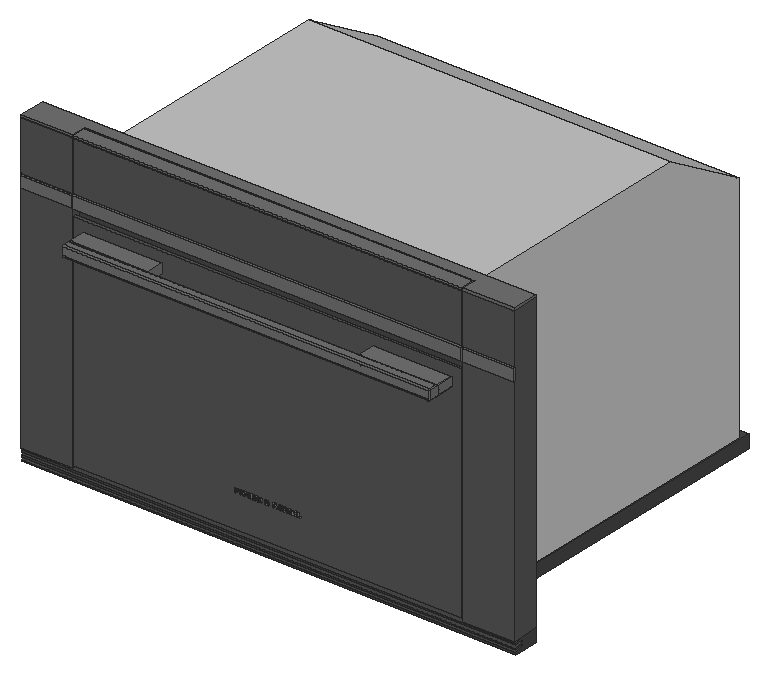
Revit family "FP_Revit_18_OM24NDBB1_w_TK30NDBB1_Microwave_Oven_w_30in_Trimkit_90000812A", category Specialty Equipment, Revit 2018
Family settings
  Round Connector Dimension = Use Diameter
  Part Type = Normal
  OmniClass Number = 23.40.40.14.17.31
  OmniClass Title = Small Specialized Cooking Equipment
  Work Plane-Based = No
  Always vertical = Yes
  Cut with Voids When Loaded = Yes
  Shared = No
  Room Calculation Point = No
Parameters (values of type "OM24NDBB1 + TK30NDBB1")
  Visibility - Clearance Required = yes
  URL = "www.fisherpaykel.com"
  Product - Width = 757 mm  # constant formula
  Product - Height = 478 mm  # constant formula
  Product - Depth = 614 mm  # constant formula
  Model = "OM24NDBB1 + TK30NDBB1"
  Material - Trim = Fisher & Paykel - Aluminium, Dark
  Material - Structure = Fisher & Paykel - Black
  Material - Handle = Fisher & Paykel - Aluminium, Dark
  Material - Glass = Fisher & Paykel - Glass, Black
  Material - Body = Fisher & Paykel - Black
  Manufacturer = "Fisher & Paykel Appliances"
  FFL Offset [instance] = 900 mm
  Description = "24\" Microwave Oven + 30\" Trimkit"
  Connector Description - Electrical = "120/240 V or 12/208 V, 60 Hz, 13 or 14 A"
  Chassis - Width = 560 mm  # constant formula
  Chassis - Height = 446 mm  # constant formula
  Chassis - Depth = 540 mm  # constant formula
  Cavity - Width = 560 mm  # constant formula
  Cavity - Height = 480 mm  # constant formula
  Cavity - Depth = 560 mm  # constant formula
Reference planes
  plane 1 "Center (Front/Back)": y = 0
  plane 2: z = 0
  plane 3 "Center (Left/Right)": x = 0
  plane 4: z = 1380
  plane 5: z = 1378
  plane 6 "Product LHS": x = -378.5
  plane 7 "Product RHS": x = 378.5
  plane 8 "Product - Depth": y = 0
  plane 9 "Cavity LHS": x = -380
  plane 10 "Cavity RHS": x = 380
  plane 11 "Cavity - Depth": y = 560
  plane 12 "Front Face": y = -41.5
  plane 13 "Chassis - Height": z = 0
  plane 14 "Product Depth": y = 540
  plane 15 "FFL Offset": z = 900
Forms (mm)
  Extrusion 1, void
    sketch origin (0, 0, 0) x (0, 1, 0) y (0, 0, 1)
      loop
        line (-41.5, 1380) -> (-41.5, 900) -> (0, 900) -> (0, 1380) -> (-41.5, 1380)
    from -380 to 380
  Extrusion 2, void
    sketch origin (0, 0, 0) x (0, 1, 0) y (0, 0, 1)
      loop
        line (560, 1370) -> (0, 1370) -> (0, 900) -> (560, 900) -> (560, 1370)
    from -280 to 280
Text (mm)
  text "Due to ongoing product development, product details are subject to change without notice. \nPlease always refer to www.fisherpaykel.com for the most current product information. \n© Fisher & Paykel 2020" at (41.04, -413.295, 0), in view "Ref. Level (Plan)"
Dimensions and locks
  equal spacing: plane 6 "Product LHS", plane 3 "Center (Left/Right)", plane 7 "Product RHS"
  "Product - Width": plane 6 "Product LHS" to plane 7 "Product RHS"
  equal spacing: plane 9 "Cavity LHS", plane 3 "Center (Left/Right)", plane 10 "Cavity RHS"
  locked: plane 9 "Cavity LHS" to plane 10 "Cavity RHS" at 760
  plane 12 "Front Face" to plane 1 "Center (Front/Back)" = 41.5 mm
  "Chassis - Depth": plane 1 "Center (Front/Back)" to plane 14 "Product Depth"
  "FFL Offset": plane 15 "FFL Offset" to level
  "Cavity - Depth": plane 1 "Center (Front/Back)" to plane 11 "Cavity - Depth"
  "Product - Height": plane 5 to plane 15 "FFL Offset"
  "Cavity - Height": plane 4 to plane 15 "FFL Offset"
  "Cavity - Width": Extrusion 2 to Extrusion 2
  aligned and locked: level to plane 2
  aligned and locked: plane 15 "FFL Offset" to nested 2
  aligned and locked: nested 2 to plane 8 "Product - Depth"
  aligned and locked: plane 12 "Front Face" to nested 2
  aligned and locked: plane 12 "Front Face" to Extrusion 1 sketch curve
  aligned and locked: Extrusion 1 sketch curve to plane 8 "Product - Depth"
  aligned and locked: plane 15 "FFL Offset" to Extrusion 1 sketch curve
  aligned and locked: Extrusion 1 sketch curve to plane 4
  aligned and locked: Extrusion 1 to plane 10 "Cavity RHS"
  aligned and locked: plane 9 "Cavity LHS" to Extrusion 1
  aligned and locked: Extrusion 2 sketch curve to plane 8 "Product - Depth"
  aligned and locked: Extrusion 2 sketch curve to plane 15 "FFL Offset"
  aligned and locked: plane 11 "Cavity - Depth" to Extrusion 2 sketch curve
  aligned and locked: Extrusion 2 sketch curve to nested 2
Nested families
  nested 1: "FP_Revit_18_OM24NDBB1_Microwave_Oven_90000812A" at (0, -19.5, 20), FFL Offset <- "FFL Offset", type "OM24NDBB1"
    with FFL Offset 900 mm
  nested 2: "FP_Revit_18_TK30ND_Trimkits_90001187A" at (0, 0, 0), FFL Offset <- "FFL Offset", type "TK30NDBB1"
    with FFL Offset 900 mm
Connectors
  electrical at (-193.854, 529.119, 959.454), driven by "Connector Description - Electrical"
    settings: on nested 1, index 1, voltage 120 V, apparent load 0 VA, apparent load phase1 0 VA, apparent load phase2 0 VA, apparent load phase3 0 VA, power factor 1, load classification "Other", number of poles 1, system type 30, power factor state 1, is connector primary yes, connector utility no, sub classification motor no, connector description "120/240 V or 12/208 V, 60 Hz, 13 or 14 A"
Definition of nested family "FP_Revit_18_OM24NDBB1_Microwave_Oven_90000812A"
  Parameters (values of type "OM24NDBB1")
    Visibility - Clearance Required = yes
    URL = "www.fisherpaykel.com"
    Product - Width = 596 mm  # constant formula
    Product - Height = 458 mm  # constant formula
    Product - Depth = 562 mm  # constant formula
    Model = "OM24NDBB1"
    Material - Trim = none
    Material - Structure = none
    Material - Handle = none
    Material - Glass = none
    Material - Body = none
    Manufacturer = "Fisher & Paykel Appliances"
    FFL Offset [instance] = 900 mm
    Description = "24\" Microwave Oven"
    Connector Description - Electrical = "120/240 V or 12/208 V, 60 Hz, 13 or 14 A"
    Chassis - Width = 556 mm  # constant formula
    Chassis - Height = 446 mm  # constant formula
    Chassis - Depth = 540 mm  # constant formula
    Cavity - Width = 600 mm  # constant formula
    Cavity - Height = 460 mm  # constant formula
    Cavity - Depth = 560 mm  # constant formula
  Types (4, lengths in mm): name | Model | Description | Connector Description - Electrical
    OS24NDB1 | "OS24NDB1" | "24\" Steam Oven" | "208 V or 240 V, 60 Hz, 10.8 or 12.5 A"
    OM24NDB1 | "OM24NDB1" | "24\" Microwave Oven" | "120/240 V or 12/208 V, 60 Hz, 13 or 14 A"
    OM24NDBB1 | "OM24NDBB1" | "24\" Microwave Oven" | "120/240 V or 12/208 V, 60 Hz, 13 or 14 A"
    OS24NDBB1 | "OS24NDBB1" | "24\" Steam Oven" | "208 V or 240 V, 60 Hz, 10.8 or 12.5 A"
  Reference planes
    plane 1 "Center (Front/Back)": y = 0
    plane 2: z = 0
    plane 3 "Center (Left/Right)": x = 0
    plane 4: z = 1360
    plane 5: z = 1358
    plane 6 "Product LHS": x = -298
    plane 7 "Product RHS": x = 298
    plane 8 "Product - Depth": y = 0
    plane 9 "Cavity LHS": x = -300
    plane 10 "Cavity RHS": x = 300
    plane 11 "Cavity - Depth": y = 560
    plane 12 "Front Face": y = -22
    plane 13 "Chassis - Height": z = 0
    plane 14 "Product Depth": y = 540
    plane 15 "FFL Offset": z = 900
  Forms (mm)
    Extrusion 1, solid, material <- "Material - Body"
      sketch origin (0, 0, 0) x (0, 1, 0) y (0, 0, 1)
        loop
          line (0, 1346) -> (0, 907.28) -> (5.16, 907.28) -> (5.16, 900) -> (534.187, 900) -> (534.187, 1257.991) -> (403.295, 1336.64) -> (24.316, 1336.64) -> (8.71, 1346) -> (0, 1346)
      from -278 to 278
    Extrusion 2, solid, material <- "Material - Structure", detail levels fine
      sketch origin (0, 0, 0) x (0, 1, 0) y (0, 0, 1)
        loop
          line (0, 1353.9) -> (-2, 1353.9) -> (-2, 1355) -> (-18, 1355) -> (-18, 1258) -> (-9.89, 1258) -> (-9.89, 907.28) -> (0, 907.28) -> (0, 1353.9)
      from -298 to 298
    Extrusion 3, solid, material <- "Material - Trim", detail levels fine
      sketch origin (0, 0, 0) x (0, 1, 0) y (0, 0, 1)
        loop
          line (-22, 1358) -> (-22, 1355) -> (-2, 1355) -> (-2, 1358) -> (-22, 1358)
      from -298 to 298
    Extrusion 4, solid, material <- "Material - Glass", detail levels fine
      sketch origin (0, 0, 0) x (0, 1, 0) y (0, 0, 1)
        loop
          line (-18, 1355) -> (-20.262, 1355)
          arc (-20.262, 1355) -> (-21.236, 1354.682) -> (-22, 1354) r 2.5
          line (-22, 1354) -> (-22, 1258) -> (-18, 1258) -> (-18, 1355)
      from -298 to 298
    Extrusion 5, solid, material <- "Material - Glass", detail levels fine
      sketch origin (0, 0, 0) x (0, 1, 0) y (0, 0, 1)
        loop
          line (-22, 1246.53) -> (-22, 904.53) -> (-18, 904.53) -> (-18, 1246.53) -> (-22, 1246.53)
      from -298 to 298
    Extrusion 6, solid, material <- "Material - Structure", detail levels fine
      sketch origin (0, 0, 0) x (0, 1, 0) y (0, 0, 1)
        loop
          line (-18, 1229.33) -> (-18, 907.28) -> (-9.89, 907.28) -> (-9.89, 1229.33) -> (-18, 1229.33)
      from -278 to 278
    Extrusion 7, void
      sketch origin (0, 0, 0) x (1, 0, 0) y (0, 0, 1)
        loop
          line (-158.462, 1052.91) -> (-229.24, 1052.91)
          arc (-229.24, 1052.91) -> (-232.776, 1051.446) -> (-234.24, 1047.91) r 5
          line (-234.24, 1047.91) -> (-234.24, 955.13)
          arc (-234.24, 955.13) -> (-232.776, 951.594) -> (-229.24, 950.13) r 5
          line (-229.24, 950.13) -> (-158.462, 950.13)
          arc (-158.462, 950.13) -> (-154.926, 951.594) -> (-153.462, 955.13) r 5
          line (-153.462, 955.13) -> (-153.462, 1047.91)
          arc (-153.462, 1047.91) -> (-154.926, 1051.446) -> (-158.462, 1052.91) r 5
      from -539.6 to -521.6
    Sweep 8, void
      path in 3D
        loop
          arc (-153.462, 521.6, 955.13) -> (-154.926, 521.6, 951.594) -> (-158.462, 521.6, 950.13) r 5
          line (-158.462, 521.6, 950.13) -> (-229.24, 521.6, 950.13)
          arc (-229.24, 521.6, 950.13) -> (-232.776, 521.6, 951.594) -> (-234.24, 521.6, 955.13) r 5
          line (-234.24, 521.6, 955.13) -> (-234.24, 521.6, 1047.91)
          arc (-234.24, 521.6, 1047.91) -> (-232.776, 521.6, 1051.446) -> (-229.24, 521.6, 1052.91) r 5
          line (-229.24, 521.6, 1052.91) -> (-158.462, 521.6, 1052.91)
          arc (-158.462, 521.6, 1052.91) -> (-154.926, 521.6, 1051.446) -> (-153.462, 521.6, 1047.91) r 5
          line (-153.462, 521.6, 1047.91) -> (-153.462, 521.6, 955.13)
      profile origin (-153.462, 521.6, 1001.52) x (-1, 0, 0) y (0, -1, 0)
        loop
          line (0, 0) -> (-21.3, -12.587) -> (0, -12.587) -> (0, 0)
    Extrusion 9, solid, material <- "Material - Body", detail levels medium+fine
      sketch origin (0, 0, -100) x (1, 0, 0) y (0, 0, 1)
        loop
          line (-175.354, 1115.273) -> (-212.354, 1115.273) -> (-212.354, 1057.273) -> (-175.354, 1057.273) -> (-175.354, 1115.273)
      from -540 to -521.6
    Extrusion 10, solid, material <- "Material - Trim", detail levels fine
      sketch origin (0, 0, 0) x (0, 1, 0) y (0, 0, 1)
        loop
          line (-22, 1258) -> (-22, 1277.8) -> (-22.8, 1277.8) -> (-23.7, 1275.5) -> (-23.7, 1258) -> (-22, 1258)
      from -298 to 298
    Extrusion 11, solid, visible <- "Visibility - Clearance Required", detail levels coarse
      sketch origin (0, 0, 0) x (1, 0, 0) y (0, 1, 0)
        loop
          line (-280, 0) -> (280, 0) -> (280, 548.619) -> (-280, 548.619) -> (-280, 0)
      from 900 to 1360
    Extrusion 12, solid, visible <- "Visibility - Clearance Required", detail levels coarse
      sketch origin (0, 0, 0) x (0, 1, 0) y (0, 0, 1)
        loop
          arc (-22, 1246.53) -> (-241.159, 1161.206) -> (-341.563, 948.532) r 317.644
          line (-341.563, 948.532) -> (-326.406, 946.445) -> (-332.106, 905.048) -> (-316.871, 902.951) -> (-311.171, 944.347) -> (-22, 904.53) -> (-22, 900) -> (0, 900) -> (0, 1360) -> (-22, 1360) -> (-22, 1246.53)
      from -300 to 300
    Sweep 13, solid, material <- "Material - Body", detail levels fine
      path origin (0, 0, -100) x (0, 1, 0) y (0, 0, 1)
        loop
          arc (530.8, 1057.273) -> (536.019, 1044.673) -> (548.619, 1039.454) r 17.819
      profile origin (0, 536.019, 944.673) x (0, 0.707107, 0.707107) y (1, 0, 0)
        loop
          circle (0, -193.854) r 5
    Extrusion 14, solid, material <- "Material - Glass", detail levels coarse+medium
      sketch origin (0, 0, 0) x (0, 1, 0) y (0, 0, 1)
        loop
          line (-22, 1358) -> (-22, 1258) -> (-9.89, 1258) -> (-9.89, 1229.33) -> (-18, 1229.33) -> (-18, 1246.53) -> (-22, 1246.53) -> (-22, 904.53) -> (-18, 904.53) -> (-18, 907.28) -> (0, 907.28) -> (0, 1353.9) -> (-2, 1353.9) -> (-2, 1358) -> (-22, 1358)
      from -298 to 298
    Extrusion 15, solid, material <- "Material - Body", not visible, detail levels medium+fine
      sketch origin (0, 0, 0) x (1, 0, 0) y (0, 0, 1)
        loop
          line (-175.354, 1115.273) -> (-212.354, 1115.273) -> (-212.354, 1057.273) -> (-175.354, 1057.273) -> (-175.354, 1115.273)
      from -540 to -521.6
    Sweep 16, solid, material <- "Material - Body", not visible, detail levels fine
      path origin (0, 0, 0) x (0, 1, 0) y (0, 0, 1)
        loop
          arc (530.8, 1057.273) -> (536.019, 1044.673) -> (548.619, 1039.454) r 17.819
      profile origin (0, 536.019, 1044.673) x (0, 0.707107, 0.707107) y (1, 0, 0)
        loop
          circle (0, -193.854) r 5
    Extrusion 17, void
      sketch origin (0, 0, 0) x (1, 0, 0) y (0, 1, 0)
        loop
          line (-280, 0) -> (280, 0) -> (280, 548.619) -> (-280, 548.619) -> (-280, 0)
      from 900 to 1360
    Extrusion 18, solid, visible <- "Visibility - Clearance Required", detail levels coarse
      sketch origin (0, 0, 0) x (0, 1, 0) y (0, 0, 1)
        loop
          arc (-22, 1246.53) -> (-241.159, 1161.206) -> (-341.563, 948.532) r 317.644
          line (-341.563, 948.532) -> (-326.406, 946.445) -> (-332.106, 905.048) -> (-316.871, 902.951) -> (-311.171, 944.347) -> (-22, 904.53) -> (-22, 900) -> (0, 900) -> (0, 1360) -> (-22, 1360) -> (-22, 1246.53)
      from -300 to 300
    Extrusion 19, void
      sketch origin (0, 0, 0) x (0, 1, 0) y (0, 0, 1)
        loop
          line (-22, 1360) -> (-22, 900) -> (0, 900) -> (0, 1360) -> (-22, 1360)
      from -300 to 300
  Cuts and joins
    Extrusion 7, Sweep 8 cuts Extrusion 1
    Extrusion 7 cuts Extrusion 2
    Extrusion 7 cuts Extrusion 5
    Extrusion 7 cuts Extrusion 6
  Lines and regions (mm)
    sketch lines
      curve 1: line (-153.462, 521.6, 1047.91) -> (-153.462, 521.6, 955.13)
      curve 2: arc (-153.462, 521.6, 1047.91) -> (-154.926, 521.6, 1051.446) -> (-158.462, 521.6, 1052.91) r 5
      curve 3: line (-229.24, 521.6, 1052.91) -> (-158.462, 521.6, 1052.91)
      curve 4: arc (-229.24, 521.6, 1052.91) -> (-232.776, 521.6, 1051.446) -> (-234.24, 521.6, 1047.91) r 5
      curve 5: line (-234.24, 521.6, 955.13) -> (-234.24, 521.6, 1047.91)
      curve 6: arc (-234.24, 521.6, 955.13) -> (-232.776, 521.6, 951.594) -> (-229.24, 521.6, 950.13) r 5
      curve 7: arc (-158.462, 521.6, 950.13) -> (-154.926, 521.6, 951.594) -> (-153.462, 521.6, 955.13) r 5
      curve 8: line (-158.462, 521.6, 950.13) -> (-229.24, 521.6, 950.13)
  Text (mm)
    text "Due to ongoing product development, product details are subject to change without notice. \nPlease always refer to www.fisherpaykel.com for the most current product information. \n© Fisher & Paykel 2020" at (41.04, -413.295, 0), in view "Ref. Level (Plan)"
  Dimensions and locks
    equal spacing: plane 6 "Product LHS", plane 3 "Center (Left/Right)", plane 7 "Product RHS"
    "Product - Width": plane 6 "Product LHS" to plane 7 "Product RHS"
    equal spacing: plane 9 "Cavity LHS", plane 3 "Center (Left/Right)", plane 10 "Cavity RHS"
    "Cavity - Width": plane 9 "Cavity LHS" to plane 10 "Cavity RHS"
    "Cavity - Depth": plane 11 "Cavity - Depth" to plane 1 "Center (Front/Back)"
    locked: plane 12 "Front Face" to plane 1 "Center (Front/Back)" at 22
    "Chassis - Depth": plane 1 "Center (Front/Back)" to plane 14 "Product Depth"
    Extrusion 1 sketch curve to plane 14 "Product Depth" = 5.813 mm
    equal spacing: cut or joined group of Extrusion 1, Extrusion 7, Sweep 8, plane 3 "Center (Left/Right)", cut or joined group of Extrusion 1, Extrusion 7, Sweep 8
    "Chassis - Width": cut or joined group of Extrusion 1, Extrusion 7, Sweep 8 to cut or joined group of Extrusion 1, Extrusion 7, Sweep 8
    "FFL Offset": plane 15 "FFL Offset" to level
    locked: nested 2 to plane 15 "FFL Offset" at 61.04
    locked: cut or joined group of Extrusion 1, Extrusion 7, Sweep 8 to plane 15 "FFL Offset" at 7.28
    locked: Extrusion 14 to plane 15 "FFL Offset" at 4.53
    locked: cut or joined group of Extrusion 1, Extrusion 7, Sweep 8 to plane 15 "FFL Offset" at 436.64
    "Chassis - Height": cut or joined group of Extrusion 1, Extrusion 7, Sweep 8 to plane 15 "FFL Offset"
    Extrusion 11 to plane 15 "FFL Offset" = 460 mm
    locked: plane 15 "FFL Offset" to Extrusion 9 at 57.273
    locked: plane 15 "FFL Offset" to cut or joined group of Extrusion 1, Extrusion 7, Sweep 8 at 50.13
    "Product - Height": plane 5 to plane 15 "FFL Offset"
    "Cavity - Height": plane 4 to plane 15 "FFL Offset"
    locked: nested 1 to plane 15 "FFL Offset" at 330.978
    locked: plane 5 to Extrusion 14 at 100
    locked: plane 5 to Extrusion 14 at 111.47
    locked: Extrusion 12 sketch curve to plane 15 "FFL Offset" at 4.53
    locked: plane 15 "FFL Offset" to Extrusion 7 sketch curve at 152.91
    locked: plane 15 "FFL Offset" to Extrusion 7 sketch curve at 50.13
    aligned and locked: level to plane 2
    aligned and locked: Extrusion 3 sketch curve to plane 5
    aligned and locked: plane 6 "Product LHS" to Extrusion 5
    aligned and locked: Extrusion 5 to plane 7 "Product RHS"
    aligned and locked: Extrusion 4 to plane 7 "Product RHS"
    aligned and locked: plane 6 "Product LHS" to Extrusion 4
    aligned and locked: plane 6 "Product LHS" to Extrusion 3
    aligned and locked: Extrusion 3 to plane 7 "Product RHS"
    aligned and locked: plane 6 "Product LHS" to Extrusion 2
    aligned and locked: Extrusion 2 to plane 7 "Product RHS"
    aligned and locked: plane 14 "Product Depth" to Extrusion 9
    aligned and locked: cut or joined group of Extrusion 1, Extrusion 7, Sweep 8 to Extrusion 9
    aligned and locked: Extrusion 10 to plane 7 "Product RHS"
    aligned and locked: plane 6 "Product LHS" to Extrusion 10
    aligned and locked: Extrusion 14 to plane 7 "Product RHS"
    aligned and locked: plane 6 "Product LHS" to Extrusion 14
    aligned and locked: Extrusion 1 to plane 15 "FFL Offset"
    aligned and locked: Extrusion 11 to cut or joined group of Extrusion 1, Extrusion 7, Sweep 8
    aligned and locked: Extrusion 14 to cut or joined group of Extrusion 1, Extrusion 7, Sweep 8
    aligned and locked: Extrusion 2 to cut or joined group of Extrusion 1, Extrusion 7, Sweep 8
    aligned and locked: Extrusion 6 to cut or joined group of Extrusion 1, Extrusion 7, Sweep 8
    aligned and locked: plane 5 to Extrusion 3
    aligned and locked: plane 5 to Extrusion 14
    aligned and locked: Extrusion 10 to Extrusion 4
    aligned and locked: Extrusion 14 to Extrusion 4
    aligned and locked: Extrusion 4 to cut or joined group of Extrusion 2, Extrusion 7
    aligned and locked: Extrusion 5 to Extrusion 14  (x2)
    aligned and locked: plane 4 to Extrusion 11
    aligned and locked: Extrusion 11 to Sweep 13
    aligned and locked: Extrusion 12 sketch curve to plane 15 "FFL Offset"
    aligned and locked: Extrusion 12 sketch curve to plane 4
    aligned and locked: plane 4 to Extrusion 17
    aligned and locked: Extrusion 17 to cut or joined group of Extrusion 1, Extrusion 7, Sweep 8
    aligned and locked: plane 15 "FFL Offset" to Extrusion 19 sketch curve
    aligned and locked: Extrusion 19 sketch curve to plane 4
  Automatic sketch dimensions
    Extrusion 9 sketch curve to Extrusion 9 sketch curve = 37 mm
    Extrusion 9 sketch curve to Extrusion 9 sketch curve = 58 mm
    Sweep 13 sketch curve to profile plane = 0 mm
    Sweep 13 sketch curve to Sweep 13 sketch curve = 17.819 mm
    Sweep 13 sketch curve to profile plane = 193.854 mm
    Extrusion 15 sketch curve to Extrusion 15 sketch curve = 37 mm
    Extrusion 15 sketch curve to Extrusion 15 sketch curve = 58 mm
    Sweep 16 sketch curve to profile plane = 0 mm
    Sweep 16 sketch curve to Sweep 16 sketch curve = 17.819 mm
    Sweep 16 sketch curve to profile plane = 193.854 mm
    Extrusion 1 sketch curve to plane 1 "Center (Front/Back)" = 0 mm
    Extrusion 1 sketch curve to plane 15 "FFL Offset" = 0 mm
    Extrusion 1 sketch curve to plane 1 "Center (Front/Back)" = 5.16 mm
    Extrusion 1 sketch curve to Extrusion 1 sketch curve = 8.71 mm
    Extrusion 1 sketch curve to Extrusion 1 sketch curve = 15.606 mm
    Extrusion 1 sketch curve to plane 5 = 21.36 mm
    Extrusion 1 sketch curve to plane 14 "Product Depth" = 136.705 mm
    Extrusion 1 sketch curve to Extrusion 1 sketch curve = 7.28 mm
    Extrusion 1 sketch curve to plane 5 = 100.009 mm
    Extrusion 1 sketch curve to plane 5 = 12 mm
    Extrusion 2 sketch curve to plane 1 "Center (Front/Back)" = 0 mm
    plane 1 "Center (Front/Back)" to Extrusion 2 sketch curve = 2 mm
    plane 1 "Center (Front/Back)" to Extrusion 2 sketch curve = 9.89 mm
    plane 12 "Front Face" to Extrusion 2 sketch curve = 4 mm
    plane 15 "FFL Offset" to Extrusion 2 sketch curve = 7.28 mm
    Extrusion 2 sketch curve to plane 5 = 100 mm
    Extrusion 2 sketch curve to plane 5 = 4.1 mm
    Extrusion 2 sketch curve to Extrusion 2 sketch curve = 1.1 mm
    Extrusion 3 sketch curve to plane 12 "Front Face" = 0 mm
    plane 1 "Center (Front/Back)" to Extrusion 3 sketch curve = 2 mm
    Extrusion 3 sketch curve to plane 5 = 3 mm
    Extrusion 4 sketch curve to plane 12 "Front Face" = 0 mm
    plane 12 "Front Face" to Extrusion 4 sketch curve = 1.738 mm
    plane 12 "Front Face" to Extrusion 4 sketch curve = 2.011 mm
    plane 12 "Front Face" to Extrusion 4 sketch curve = 4 mm
    Extrusion 4 sketch curve to plane 5 = 100 mm
    Extrusion 4 sketch curve to plane 5 = 5.485 mm
    Extrusion 4 sketch curve to Extrusion 4 sketch curve = 1.485 mm
    Extrusion 5 sketch curve to plane 12 "Front Face" = 0 mm
    plane 12 "Front Face" to Extrusion 5 sketch curve = 4 mm
    plane 15 "FFL Offset" to Extrusion 5 sketch curve = 4.53 mm
    Extrusion 5 sketch curve to plane 5 = 111.47 mm
    plane 12 "Front Face" to Extrusion 6 sketch curve = 4 mm
    Extrusion 6 sketch curve to Extrusion 6 sketch curve = 8.11 mm
    plane 15 "FFL Offset" to Extrusion 6 sketch curve = 7.28 mm
    Extrusion 6 sketch curve to plane 5 = 128.67 mm
    Extrusion 7 sketch curve to plane 6 "Product LHS" = 63.76 mm
    Extrusion 7 sketch curve to Extrusion 7 sketch curve = 5 mm  (x3)
    Extrusion 7 sketch curve to Extrusion 7 sketch curve = 70.778 mm  (x2)
    Sweep 8 sketch curve to profile plane = 0 mm  (x2)
    Sweep 8 sketch curve to profile plane = 21.3 mm
    profile plane to Sweep 8 sketch curve = 12.587 mm
    Extrusion 10 sketch curve to plane 12 "Front Face" = 0 mm
    Extrusion 10 sketch curve to Extrusion 10 sketch curve = 0.8 mm
    Extrusion 10 sketch curve to plane 12 "Front Face" = 1.7 mm
    Extrusion 10 sketch curve to plane 5 = 100 mm
    Extrusion 10 sketch curve to Extrusion 10 sketch curve = 17.5 mm
    Extrusion 10 sketch curve to Extrusion 10 sketch curve = 2.3 mm
    plane 1 "Center (Front/Back)" to Extrusion 11 sketch curve = 0 mm
    plane 14 "Product Depth" to Extrusion 11 sketch curve = 8.619 mm
    Extrusion 11 sketch curve to plane 6 "Product LHS" = 18 mm
    plane 7 "Product RHS" to Extrusion 11 sketch curve = 18 mm
    Extrusion 12 sketch curve to plane 12 "Front Face" = 0 mm  (x2)
    Extrusion 12 sketch curve to plane 1 "Center (Front/Back)" = 0 mm
    Extrusion 12 sketch curve to plane 12 "Front Face" = 2.526 mm
    plane 15 "FFL Offset" to Extrusion 12 sketch curve = 44.347 mm
    Extrusion 12 sketch curve to Extrusion 12 sketch curve = 286.644 mm
    plane 15 "FFL Offset" to Extrusion 12 sketch curve = 2.951 mm
    plane 15 "FFL Offset" to Extrusion 12 sketch curve = 46.445 mm
    Extrusion 12 sketch curve to Extrusion 12 sketch curve = 15.235 mm
    plane 15 "FFL Offset" to Extrusion 12 sketch curve = 48.532 mm
    Extrusion 12 sketch curve to Extrusion 12 sketch curve = 24.366 mm
    Extrusion 14 sketch curve to plane 5 = 0 mm
    Extrusion 14 sketch curve to plane 12 "Front Face" = 0 mm  (x2)
    Extrusion 14 sketch curve to plane 1 "Center (Front/Back)" = 0 mm
    plane 12 "Front Face" to Extrusion 14 sketch curve = 4 mm  (x2)
    plane 1 "Center (Front/Back)" to Extrusion 14 sketch curve = 9.89 mm
    plane 1 "Center (Front/Back)" to Extrusion 14 sketch curve = 2 mm
    Extrusion 14 sketch curve to plane 5 = 4.1 mm
    Extrusion 14 sketch curve to Extrusion 14 sketch curve = 95.9 mm
    Extrusion 14 sketch curve to Extrusion 14 sketch curve = 11.47 mm
    Extrusion 14 sketch curve to Extrusion 14 sketch curve = 17.2 mm
    plane 15 "FFL Offset" to Extrusion 14 sketch curve = 7.28 mm
    Extrusion 14 sketch curve to Extrusion 14 sketch curve = 2.75 mm
    plane 1 "Center (Front/Back)" to Extrusion 17 sketch curve = 0 mm
    plane 14 "Product Depth" to Extrusion 17 sketch curve = 8.619 mm
    Extrusion 17 sketch curve to plane 6 "Product LHS" = 18 mm
    plane 7 "Product RHS" to Extrusion 17 sketch curve = 18 mm
    Extrusion 18 sketch curve to plane 12 "Front Face" = 0 mm  (x2)
    Extrusion 18 sketch curve to plane 1 "Center (Front/Back)" = 0 mm
    Extrusion 18 sketch curve to plane 15 "FFL Offset" = 0 mm
    Extrusion 18 sketch curve to plane 4 = 0 mm
    Extrusion 18 sketch curve to plane 12 "Front Face" = 2.526 mm
    plane 15 "FFL Offset" to Extrusion 18 sketch curve = 44.347 mm
    Extrusion 18 sketch curve to Extrusion 18 sketch curve = 286.644 mm
    plane 15 "FFL Offset" to Extrusion 18 sketch curve = 2.951 mm
    Extrusion 18 sketch curve to Extrusion 18 sketch curve = 5.7 mm
    plane 15 "FFL Offset" to Extrusion 18 sketch curve = 46.445 mm
    Extrusion 18 sketch curve to Extrusion 18 sketch curve = 15.235 mm
    plane 15 "FFL Offset" to Extrusion 18 sketch curve = 48.532 mm
    Extrusion 18 sketch curve to Extrusion 18 sketch curve = 24.366 mm
    Extrusion 19 sketch curve to plane 12 "Front Face" = 0 mm
    Extrusion 19 sketch curve to plane 1 "Center (Front/Back)" = 0 mm
    radius of Sweep 13 sketch curve = 5 mm
    radius of Sweep 16 sketch curve = 5 mm
  Nested families
    nested 1: "F&P Handle Contemporary Square OB60-24" at (0, -22, 1223), type "Aluminium"
    nested 2: "F&P Logo 100mm" at (0, -22, 955), type "F&P Logo 100mm"
  Connectors
    electrical at (-193.854, 548.619, 939.454), driven by "Connector Description - Electrical"
      settings: on Sweep 13, index 1, voltage 120 V, apparent load 0 VA, apparent load phase1 0 VA, apparent load phase2 0 VA, apparent load phase3 0 VA, power factor 1, load classification none, number of poles 1, system type 30, power factor state 1, is connector primary yes, connector utility no, sub classification motor no, connector description "120/240 V or 12/208 V, 60 Hz, 13 or 14 A"
  Definition of nested family "F&P Handle Contemporary Square OB60-24"
    Parameters (values of type "Aluminium Dark")
      URL = "www.fisherpaykel.com"
      Material - Handle = none
      Manufacturer = "Fisher & Paykel Appliances"
      Handle - Length = 565 mm
    Types (2): name
      Aluminium
      Aluminium Dark
    Reference planes
      plane 1 "Center (Front/Back)": y = 0
      plane 2: z = 0
      plane 3 "Center (Left/Right)": x = 0
      plane 4 "Product LHS": x = -282.5
      plane 5 "Product RHS": x = 282.5
      plane 6 "LHS Standoff": x = -162.495
      plane 7 "RHS Standoff": x = 162.505
    Forms (mm)
      Extrusion 1, solid, material <- "Material - Handle", detail levels fine
        sketch origin (0, 0, 0) x (0, 1, 0) y (0, 0, 1)
          loop
            arc (-28.701, 7.561) -> (-29.057, 7.868) -> (-29.514, 7.978) r 1
            line (-29.514, 7.978) -> (-40.5, 7.978)
            arc (-40.5, 7.978) -> (-41.561, 7.539) -> (-42, 6.478) r 1.5
            line (-42, 6.478) -> (-42, -6.522)
            arc (-42, -6.522) -> (-41.561, -7.583) -> (-40.5, -8.022) r 1.5
            line (-40.5, -8.022) -> (-29.487, -8.022)
            arc (-29.487, -8.022) -> (-29.029, -7.911) -> (-28.673, -7.602) r 1
            arc (-28.673, -7.602) -> (-26.256, -0.016) -> (-28.701, 7.561) r 13.038
        from -282.5 to 282.5
      Extrusion 2, solid, material <- "Material - Handle", detail levels fine
        sketch origin (0, 0, 0) x (0, 1, 0) y (0, 0, 1)
          loop
            arc (-28.23, 7.062) -> (-26.156, 0.008) -> (-28.198, -7.056) r 13.136
            arc (-28.198, -7.056) -> (-28.21, -7.463) -> (-27.86, -7.67) r 0.4
            line (-27.86, -7.67) -> (0, -7.67) -> (0, 7.678) -> (-27.893, 7.678)
            arc (-27.893, 7.678) -> (-28.244, 7.47) -> (-28.23, 7.062) r 0.4
        from 162.505 to 282.5
      Extrusion 3, solid, material <- "Material - Handle", detail levels fine
        sketch origin (0, 0, 0) x (0, 1, 0) y (0, 0, -1)
          loop
            arc (-28.23, -7.062) -> (-28.244, -7.47) -> (-27.893, -7.678) r 0.4
            line (-27.893, -7.678) -> (0, -7.678) -> (0, 7.67) -> (-27.86, 7.67)
            arc (-27.86, 7.67) -> (-28.21, 7.463) -> (-28.198, 7.056) r 0.4
            arc (-28.198, 7.056) -> (-26.156, -0.008) -> (-28.23, -7.062) r 13.136
        from 162.495 to 282.5
      Sweep 4, void
        path in 3D
          loop
            line (282.5, -29.514, 7.978) -> (282.5, -40.5, 7.978)
            arc (282.5, -40.5, 7.978) -> (282.5, -41.561, 7.539) -> (282.5, -42, 6.478) r 1.5
            line (282.5, -42, 6.478) -> (282.5, -42, -6.522)
            arc (282.5, -42, -6.522) -> (282.5, -41.561, -7.583) -> (282.5, -40.5, -8.022) r 1.5
            line (282.5, -40.5, -8.022) -> (282.5, -29.487, -8.022)
        profile origin (282.5, -35.007, 7.978) x (1, 0, 0) y (0, 0, 1)
          loop
            line (0, 0) -> (-1.3, 0) -> (0, -1.3) -> (0, 0)
      Sweep 5, void
        path in 3D
          loop
            line (-282.5, -29.487, -8.022) -> (-282.5, -40.5, -8.022)
            arc (-282.5, -40.5, -8.022) -> (-282.5, -41.561, -7.583) -> (-282.5, -42, -6.522) r 1.5
            line (-282.5, -42, -6.522) -> (-282.5, -42, 6.478)
            arc (-282.5, -42, 6.478) -> (-282.5, -41.561, 7.539) -> (-282.5, -40.5, 7.978) r 1.5
            line (-282.5, -40.5, 7.978) -> (-282.5, -29.514, 7.978)
        profile origin (-282.5, -35.007, 7.978) x (-1, 0, 0) y (0, 0, 1)
          loop
            line (0, 0) -> (-1.3, 0) -> (0, -1.3) -> (0, 0)
      Extrusion 6, void
        sketch origin (0, 0, 0) x (1, 0, 0) y (0, 0, 1)
          loop
            line (282.5, 7.978) -> (281.2, 7.978) -> (282.5, 6.678) -> (282.5, 7.978)
          loop
            line (282.5, -8.022) -> (282.5, -6.722) -> (281.2, -8.022) -> (282.5, -8.022)
        from 0 to 40
      Extrusion 7, void
        sketch origin (0, 0, 0) x (1, 0, 0) y (0, 0, 1)
          loop
            line (-282.5, 7.978) -> (-282.5, 6.678) -> (-281.2, 7.978) -> (-282.5, 7.978)
          loop
            line (-282.5, -8.022) -> (-281.2, -8.022) -> (-282.5, -6.722) -> (-282.5, -8.022)
        from 0 to 40
      Extrusion 8, solid, material <- "Material - Handle", detail levels coarse+medium
        sketch origin (0, 0, 0) x (1, 0, 0) y (0, 1, 0)
          loop
            line (-282.5, -42) -> (282.5, -42) -> (282.5, 0) -> (162.505, 0) -> (162.505, -26.156) -> (-162.495, -26.156) -> (-162.495, 0) -> (-282.5, 0) -> (-282.5, -42)
        from -8.022 to 7.978
    Cuts and joins
      Sweep 4, Sweep 5, Extrusion 6, Extrusion 7 cuts Extrusion 1
      Extrusion 6 cuts Extrusion 2
      Extrusion 7 cuts Extrusion 3
    Lines and regions (mm)
      sketch lines
        curve 1: line (282.5, -29.514, 7.978) -> (282.5, -40.5, 7.978)
        curve 2: arc (282.5, -42, 6.478) -> (282.5, -41.561, 7.539) -> (282.5, -40.5, 7.978) r 1.5
        curve 3: line (282.5, -42, 6.478) -> (282.5, -42, -6.522)
        curve 4: arc (282.5, -40.5, -8.022) -> (282.5, -41.561, -7.583) -> (282.5, -42, -6.522) r 1.5
        curve 5: line (282.5, -40.5, -8.022) -> (282.5, -29.487, -8.022)
        curve 6: line (-282.5, -40.5, 7.978) -> (-282.5, -29.514, 7.978)
        curve 7: arc (-282.5, -40.5, 7.978) -> (-282.5, -41.561, 7.539) -> (-282.5, -42, 6.478) r 1.5
        curve 8: line (-282.5, -42, -6.522) -> (-282.5, -42, 6.478)
        curve 9: arc (-282.5, -42, -6.522) -> (-282.5, -41.561, -7.583) -> (-282.5, -40.5, -8.022) r 1.5
        curve 10: line (-282.5, -29.487, -8.022) -> (-282.5, -40.5, -8.022)
    Dimensions and locks
      equal spacing: plane 4 "Product LHS", plane 3 "Center (Left/Right)", plane 5 "Product RHS"
      "Handle - Length": plane 4 "Product LHS" to plane 5 "Product RHS"
      locked: plane 4 "Product LHS" to plane 6 "LHS Standoff" at 120.005
      locked: plane 7 "RHS Standoff" to plane 5 "Product RHS" at 119.995
      aligned and locked: level to plane 2
      aligned and locked: Extrusion 1 to plane 5 "Product RHS"
      aligned and locked: plane 4 "Product LHS" to Extrusion 1
      aligned and locked: Extrusion 2 to plane 5 "Product RHS"
      aligned and locked: plane 4 "Product LHS" to Extrusion 3
      aligned and locked: plane 4 "Product LHS" to Extrusion 8 sketch curve
      aligned and locked: Extrusion 8 sketch curve to plane 5 "Product RHS"
      aligned and locked: Extrusion 8 sketch curve to plane 7 "RHS Standoff"
      aligned and locked: plane 6 "LHS Standoff" to Extrusion 8 sketch curve
      aligned and locked: Extrusion 2 to plane 7 "RHS Standoff"
      aligned and locked: plane 6 "LHS Standoff" to Extrusion 3
    Automatic sketch dimensions
      Extrusion 1 sketch curve to level = 6.522 mm
      plane 1 "Center (Front/Back)" to Extrusion 1 sketch curve = 42 mm
      Extrusion 1 sketch curve to Extrusion 1 sketch curve = 1.5 mm  (x2)
      Extrusion 1 sketch curve to level = 0.04 mm
      Extrusion 1 sketch curve to Extrusion 1 sketch curve = 1.206 mm
      level to Extrusion 1 sketch curve = 6.978 mm
      Extrusion 1 sketch curve to Extrusion 1 sketch curve = 10.986 mm
      Extrusion 1 sketch curve to Extrusion 1 sketch curve = 11.013 mm
      Extrusion 1 sketch curve to Extrusion 1 sketch curve = 1 mm
      level to Extrusion 1 sketch curve = 6.478 mm
      Extrusion 1 sketch curve to Extrusion 1 sketch curve = 0 mm
      Extrusion 2 sketch curve to plane 1 "Center (Front/Back)" = 0 mm
      Extrusion 2 sketch curve to level = 7.67 mm
      Extrusion 2 sketch curve to Extrusion 2 sketch curve = 27.86 mm
      level to Extrusion 2 sketch curve = 7.678 mm
      Extrusion 2 sketch curve to Extrusion 2 sketch curve = 0.033 mm
      Extrusion 2 sketch curve to level = 0.022 mm
      Extrusion 2 sketch curve to Extrusion 2 sketch curve = 11.398 mm
      Extrusion 2 sketch curve to Extrusion 2 sketch curve = 0.4 mm  (x2)
      Extrusion 2 sketch curve to Extrusion 2 sketch curve = 0 mm
      Extrusion 3 sketch curve to plane 1 "Center (Front/Back)" = 0 mm
      Extrusion 3 sketch curve to level = 7.67 mm
      Extrusion 3 sketch curve to Extrusion 3 sketch curve = 27.86 mm
      level to Extrusion 3 sketch curve = 7.678 mm
      Extrusion 3 sketch curve to Extrusion 3 sketch curve = 0.033 mm
      Extrusion 3 sketch curve to level = 0.022 mm
      Extrusion 3 sketch curve to Extrusion 3 sketch curve = 11.398 mm
      Extrusion 3 sketch curve to Extrusion 3 sketch curve = 0.4 mm  (x2)
      Extrusion 3 sketch curve to Extrusion 3 sketch curve = 0 mm
      profile plane to Sweep 4 sketch curve = 0 mm
      Sweep 4 sketch curve to profile plane = 0 mm
      Sweep 4 sketch curve to profile plane = 1.3 mm
      profile plane to Sweep 4 sketch curve = 1.3 mm
      Sweep 5 sketch curve to profile plane = 0 mm  (x2)
      profile plane to Sweep 5 sketch curve = 1.3 mm
      Sweep 5 sketch curve to profile plane = 1.3 mm
      plane 5 "Product RHS" to Extrusion 6 sketch curve = 0 mm  (x2)
      Extrusion 6 sketch curve to Extrusion 6 sketch curve = 1.3 mm  (x4)
      Extrusion 6 sketch curve to level = 6.722 mm
      level to Extrusion 6 sketch curve = 6.678 mm
      plane 4 "Product LHS" to Extrusion 7 sketch curve = 0 mm  (x2)
      Extrusion 7 sketch curve to plane 4 "Product LHS" = 1.3 mm  (x2)
      Extrusion 7 sketch curve to level = 8.022 mm
      level to Extrusion 7 sketch curve = 6.678 mm
      Extrusion 7 sketch curve to Extrusion 7 sketch curve = 1.3 mm  (x2)
      plane 1 "Center (Front/Back)" to Extrusion 8 sketch curve = 0 mm  (x2)
      Extrusion 8 sketch curve to Extrusion 8 sketch curve = 26.156 mm
      Extrusion 8 sketch curve to Extrusion 8 sketch curve = 42 mm
  Definition of nested family "F&P Logo 100mm"
    Parameters (values of type "F&P Logo 100mm")
      URL = "www.fisherpaykel.com"
      Material - Logo = none
      Manufacturer = "Fisher & Paykel Appliances"
    Reference planes
      plane 1 "Center (Front/Back)": y = 0
      plane 2: z = 0
      plane 3 "Center (Left/Right)": x = 0
    Forms (mm)
      Extrusion 1, solid, material <- "Material - Logo", detail levels fine
        sketch origin (0, 0, 0) x (1, 0, 0) y (0, 0, 1)
          loop
            line (-50.044, 0) -> (-48.47, 0) -> (-48.47, 2.138) -> (-46.011, 2.138) -> (-46.011, 3.472) -> (-48.47, 3.472) -> (-48.47, 4.712) -> (-45.795, 4.712) -> (-45.795, 6.04) -> (-50.044, 6.04) -> (-50.044, 0)
          loop
            line (-42.804, 6.04) -> (-42.804, 0) -> (-41.23, 0) -> (-41.23, 6.04) -> (-42.804, 6.04)
          loop
            line (-30.724, 6.04) -> (-30.724, 0) -> (-29.151, 0) -> (-29.151, 2.42) -> (-26.839, 2.42) -> (-26.839, 0) -> (-25.265, 0) -> (-25.265, 6.04) -> (-26.839, 6.04) -> (-26.839, 3.748) -> (-29.151, 3.748) -> (-29.151, 6.04) -> (-30.724, 6.04)
          loop
            line (-21.906, 6.04) -> (-21.906, 0) -> (-17.602, 0) -> (-17.602, 1.328) -> (-20.347, 1.328) -> (-20.347, 2.42) -> (-17.838, 2.42) -> (-17.838, 3.748) -> (-20.347, 3.748) -> (-20.347, 4.712) -> (-17.602, 4.712) -> (-17.602, 6.04) -> (-21.906, 6.04)
          loop
            line (45.667, 6.04) -> (45.667, 0) -> (49.956, 0) -> (49.956, 1.328) -> (47.241, 1.328) -> (47.241, 6.04) -> (45.667, 6.04)
          loop
            line (42.431, 6.04) -> (38.112, 6.04) -> (38.112, 0) -> (42.431, 0) -> (42.431, 1.328) -> (39.687, 1.328) -> (39.687, 2.42) -> (42.195, 2.42) -> (42.195, 3.748) -> (39.687, 3.748) -> (39.687, 4.712) -> (42.431, 4.712) -> (42.431, 6.04)
          loop
            line (33.451, 3.148) -> (35.683, 6.04) -> (33.844, 6.04) -> (31.915, 3.542) -> (31.915, 6.04) -> (30.342, 6.04) -> (30.342, 0) -> (31.915, 0) -> (31.915, 2.705) -> (33.903, 0) -> (35.763, 0) -> (33.451, 3.148)
          loop
            line (21.98, 6.04) -> (24.262, 2.42) -> (24.262, 0) -> (25.837, 0) -> (25.837, 2.341) -> (28.119, 6.04) -> (26.446, 6.04) -> (25.099, 3.707) -> (23.753, 6.04) -> (21.98, 6.04)
          loop
            line (18.479, 6.04) -> (16.983, 6.04) -> (14.524, 0) -> (16.069, 0) -> (16.501, 1.112) -> (18.921, 1.112) -> (19.354, 0) -> (20.938, 0) -> (18.479, 6.04)
          loop
            line (18.4, 2.439) -> (17.693, 4.174) -> (17.018, 2.439) -> (18.4, 2.439)
          loop
            line (8.031, 6.04) -> (8.031, 0) -> (9.605, 0) -> (9.605, 1.938) -> (10.599, 1.938)
            arc (10.599, 1.938) -> (12.65, 3.989) -> (10.599, 6.04) r 2.051
            line (10.599, 6.04) -> (8.031, 6.04)
          loop
            line (9.605, 4.712) -> (9.605, 3.197) -> (10.501, 3.197)
            arc (10.501, 3.197) -> (11.259, 3.954) -> (10.501, 4.712) r 0.757
            line (10.501, 4.712) -> (9.605, 4.712)
          loop
            line (-11.783, 6.04) -> (-14.366, 6.04) -> (-14.366, 0) -> (-12.792, 0) -> (-12.792, 1.336) -> (-11.992, 1.336) -> (-10.972, 0) -> (-9.153, 0) -> (-10.694, 1.973)
            arc (-10.694, 1.973) -> (-9.678, 4.424) -> (-11.783, 6.04) r 2.179
          loop
            line (-11.897, 4.712) -> (-12.792, 4.712) -> (-12.792, 3.053) -> (-11.897, 3.053)
            arc (-11.897, 3.053) -> (-11.068, 3.882) -> (-11.897, 4.712) r 0.83
          loop
            line (0.477, 4.712) -> (0.477, 6.153) -> (-3.575, 6.153) -> (-3.575, 4.851) -> (-2.974, 4.112)
            arc (-2.974, 4.112) -> (-3.51, 0.684) -> (-0.045, 0.512) r 2.334
            line (-0.045, 0.512) -> (0.46, -0.109) -> (2.246, -0.109) -> (0.86, 1.594) -> (2.061, 3.324) -> (0.443, 3.324) -> (-0.013, 2.667) -> (-1.677, 4.712) -> (0.477, 4.712)
          loop
            arc (-2.125, 3.068) -> (-2.269, 1.668) -> (-0.868, 1.524) r 0.996
            line (-0.868, 1.524) -> (-2.125, 3.068)
          loop
            line (-35.18, 3.634) -> (-36.516, 3.91)
            arc (-36.516, 3.91) -> (-37.049, 4.443) -> (-36.516, 4.976) r 0.533
            arc (-36.516, 4.976) -> (-35.235, 4.79) -> (-34.059, 4.248) r 4.505
            line (-34.059, 4.248) -> (-34.059, 5.743)
            arc (-34.059, 5.743) -> (-35.549, 6.179) -> (-37.1, 6.109) r 4.726
            arc (-37.1, 6.109) -> (-38.536, 4.335) -> (-37.1, 2.561) r 1.814
            line (-37.1, 2.561) -> (-35.754, 2.282)
            arc (-35.754, 2.282) -> (-35.221, 1.749) -> (-35.754, 1.216) r 0.533
            arc (-35.754, 1.216) -> (-37.035, 1.402) -> (-38.211, 1.945) r 4.505
            line (-38.211, 1.945) -> (-38.211, 0.449)
            arc (-38.211, 0.449) -> (-36.72, 0.013) -> (-35.169, 0.083) r 4.726
            arc (-35.169, 0.083) -> (-33.734, 1.863) -> (-35.18, 3.634) r 1.814
        from 0 to 0.8
    Dimensions and locks
      aligned and locked: level to plane 2
Definition of nested family "FP_Revit_18_TK30ND_Trimkits_90001187A"
  Parameters (values of type "TK30NDBB1")
    Visibility - Clearance Required = yes
    URL = "www.fisherpaykel.com"
    Product - Width = 757 mm  # constant formula
    Product - Height = 478 mm  # constant formula
    Product - Depth = 571.5 mm  # constant formula
    Model = "TK30NDBB1"
    Material - Trim = none
    Material - Glass = none
    Material - Body = none
    Manufacturer = "Fisher & Paykel Appliances"
    FFL Offset [instance] = 860 mm
    Description = "30\" Trim Kit"
    Chassis - Width = 560 mm  # constant formula
    Chassis - Height = 20 mm  # constant formula
    Chassis - Depth = 530 mm  # constant formula
    Cavity - Width = 760 mm  # constant formula
    Cavity - Height = 480 mm  # constant formula
    Cavity - Depth = 560 mm  # constant formula
  Types (2, lengths in mm): name | Model
    TK30NDBB1 | "TK30NDBB1"
    TK30NDB1 | "TK30NDB1"
  Reference planes
    plane 1 "Center (Front/Back)": y = 0
    plane 2: z = 0
    plane 3 "Center (Left/Right)": x = 0
    plane 4: z = 1340
    plane 5: z = 1338
    plane 6 "Product LHS": x = -378.5
    plane 7 "Product RHS": x = 378.5
    plane 8 "Product - Depth": y = 530
    plane 9 "Cavity LHS": x = -380
    plane 10 "Cavity RHS": x = 380
    plane 11 "Cavity - Depth": y = 560
    plane 12 "Front Face": y = -41.5
    plane 13 "Chassis - Height": z = 880
    plane 14 "FFL Offset": z = 860
  Forms (mm)
    Extrusion 1, solid, material <- "Material - Glass", detail levels fine
      sketch origin (0, 0, 0) x (0, 1, 0) y (0, 0, 1)
        loop
          line (0, 1335) -> (-39.5, 1335)
          arc (-39.5, 1335) -> (-40.617, 1334.734) -> (-41.5, 1334) r 2.521
          line (-41.5, 1334) -> (-41.5, 880) -> (0, 880) -> (0, 1335)
      from -378.5 to 378.5
    Extrusion 2, solid, material <- "Material - Trim", detail levels fine
      sketch origin (0, 0, 0) x (0, 1, 0) y (0, 0, 1)
        loop
          line (0, 1338) -> (-41.5, 1338) -> (-41.5, 1335) -> (0, 1335) -> (0, 1338)
      from -378.5 to 378.5
    Extrusion 3, solid, material <- "Material - Body"
      sketch origin (0, 0, 0) x (1, 0, 0) y (0, 0, 1)
        loop
          line (280, 880) -> (200, 880) -> (200, 861) -> (176, 861) -> (176, 860) -> (280, 860) -> (280, 880)
        loop
          line (-280, 880) -> (-280, 860) -> (-176, 860) -> (-176, 861) -> (-200, 861) -> (-200, 880) -> (-280, 880)
      from -530 to 0
    Extrusion 4, void
      sketch origin (0, 0, 0) x (1, 0, 0) y (0, 1, 0)
        loop
          line (-300, -18.5) -> (-300, -43.192) -> (299.823, -43.192) -> (299.823, -18.5) -> (-300, -18.5)
      from 880 to 1338
    Extrusion 5, void
      sketch origin (0, 0, 0) x (0, 1, 0) y (0, 0, 1)
        loop
          line (-18.5, 880) -> (0, 880) -> (0, 1326.5) -> (-16, 1326.5) -> (-16, 1334) -> (-18.5, 1334) -> (-18.5, 880)
      from -283 to 283
    Extrusion 6, solid, material <- "Material - Trim", detail levels fine
      sketch origin (0, 0, 0) x (0, 1, 0) y (0, 0, 1)
        loop
          line (-41.5, 1257.8) -> (-42.3, 1257.8) -> (-43.192, 1255.35) -> (-43.192, 1238) -> (-41.5, 1238) -> (-41.5, 1257.8)
      from -378.5 to 378.5
    Extrusion 7, solid, material <- "Material - Body", detail levels fine
      sketch origin (0, 0, 15) x (0, 1, 0) y (0, 0, 1)
        loop
          line (-23.654, 865) -> (-39.5, 861.049) -> (-39.5, 858.901) -> (-26, 862.392) -> (-26, 858.092) -> (-39.5, 854.601) -> (-39.5, 852.601) -> (-26, 856.092) -> (-26, 851.848) -> (-39.5, 848.356) -> (-39.5, 846.348) -> (-34.47, 845) -> (0, 845) -> (0, 865) -> (-23.654, 865)
      from -378.5 to 378.5
    Extrusion 8, solid
      sketch origin (0, 0, 0) x (1, 0, 0) y (0, 0, 1)
        loop
          circle (-288, 1202) r 4
        loop
          circle (-288, 1012) r 4
        loop
          circle (288, 1202) r 4
        loop
          circle (288, 1012) r 4
      from 18.5 to 21.5
    Extrusion 9, void
      sketch origin (0, 0, 0) x (1, 0, 0) y (0, 1, 0)
        loop
          circle (-270, 70) r 5
        loop
          circle (-270, 460) r 5
        loop
          circle (270, 70) r 5
        loop
          circle (270, 460) r 5
      from 860 to 880
    Extrusion 10, void
      sketch origin (0, 0, 0) x (0, 1, 0) y (0, 0, 1)
        loop
          circle (460, 870) r 5
        loop
          circle (70, 870) r 5
      from -225 to 225
    Extrusion 11, solid, material <- "Material - Glass", detail levels coarse+medium
      sketch origin (0, 0, 0) x (0, 1, 0) y (0, 0, 1)
        loop
          line (-41.5, 1338) -> (-41.5, 880) -> (0, 880) -> (0, 1338) -> (-41.5, 1338)
      from -378.5 to 378.5
    Extrusion 12, solid, visible <- "Visibility - Clearance Required", detail levels coarse
      sketch origin (0, 0, 0) x (1, 0, 0) y (0, 1, 0)
        loop
          line (-280, 0) -> (280, 0) -> (280, 560) -> (-280, 560) -> (-280, 0)
      from 860 to 1330
    Extrusion 13, solid, visible <- "Visibility - Clearance Required", detail levels coarse
      sketch origin (0, 0, 0) x (1, 0, 0) y (0, 1, 0)
        loop
          line (-380, 0) -> (-380, -41.5) -> (380, -41.5) -> (380, 0) -> (-380, 0)
      from 860 to 1340
    Extrusion 14, void
      sketch origin (0, 0, 0) x (1, 0, 0) y (0, 1, 0)
        loop
          line (-280, 560) -> (-280, 0) -> (280, 0) -> (280, 560) -> (-280, 560)
      from 860 to 1330
    Extrusion 15, void
      sketch origin (0, 0, 0) x (1, 0, 0) y (0, 1, 0)
        loop
          line (-380, -41.5) -> (380, -41.5) -> (380, 0) -> (-380, 0) -> (-380, -41.5)
      from 860 to 1340
    Extrusion 16, solid, material <- "Material - Body", detail levels coarse+medium
      sketch origin (0, 0, 0) x (0, 1, 0) y (0, 0, 1)
        loop
          line (-41.5, 880) -> (-41.5, 860) -> (0, 860) -> (0, 880) -> (-41.5, 880)
      from -378.5 to 378.5
  Cuts and joins
    Extrusion 4, Extrusion 5 cuts Extrusion 1
    Extrusion 4 cuts Extrusion 6
    Extrusion 4 cuts Extrusion 2
    Extrusion 9, Extrusion 10 cuts Extrusion 3
    Extrusion 4, Extrusion 5 cuts Extrusion 11
  Text (mm)
    text "Due to ongoing product development, product details are subject to change without notice. \nPlease always refer to www.fisherpaykel.com for the most current product information. \n© Fisher & Paykel 2020" at (41.04, -248.295, 0), in view "Ref. Level (Plan)"
  Dimensions and locks
    equal spacing: plane 6 "Product LHS", plane 3 "Center (Left/Right)", plane 7 "Product RHS"
    "Product - Width": plane 6 "Product LHS" to plane 7 "Product RHS"
    equal spacing: plane 9 "Cavity LHS", plane 3 "Center (Left/Right)", plane 10 "Cavity RHS"
    "Cavity - Width": plane 9 "Cavity LHS" to plane 10 "Cavity RHS"
    "Cavity - Depth": plane 11 "Cavity - Depth" to plane 1 "Center (Front/Back)"
    "Chassis - Depth": plane 8 "Product - Depth" to plane 1 "Center (Front/Back)"
    "Product - Depth": plane 8 "Product - Depth" to plane 12 "Front Face"
    equal spacing: Extrusion 12, plane 3 "Center (Left/Right)", Extrusion 12
    "Chassis - Width": Extrusion 12 to Extrusion 12
    "Chassis - Height": plane 14 "FFL Offset" to plane 13 "Chassis - Height"
    "Product - Height": plane 5 to plane 14 "FFL Offset"
    "Cavity - Height": plane 4 to plane 14 "FFL Offset"
    Extrusion 10 sketch curve to plane 14 "FFL Offset" = 10 mm
    locked: plane 14 "FFL Offset" to Extrusion 8 sketch curve at 152
    locked: plane 14 "FFL Offset" to Extrusion 8 sketch curve at 342
    locked: plane 5 to Extrusion 14 at 8
    locked: plane 5 to cut or joined group of Extrusion 2, Extrusion 4 at 3
    locked: plane 5 to cut or joined group of Extrusion 4, Extrusion 5, Extrusion 11 at 11.5
    locked: cut or joined group of Extrusion 4, Extrusion 6 to plane 14 "FFL Offset" at 378
    "FFL Offset": plane 14 "FFL Offset" to level
    locked: cut or joined group of Extrusion 3, Extrusion 9, Extrusion 10 to plane 14 "FFL Offset" at 10
    aligned and locked: level to plane 2
    aligned and locked: plane 5 to Extrusion 2 sketch curve
    aligned and locked: plane 6 "Product LHS" to Extrusion 1
    aligned and locked: Extrusion 1 to plane 7 "Product RHS"
    aligned and locked: Extrusion 3 to plane 8 "Product - Depth"
    aligned and locked: Extrusion 2 to plane 7 "Product RHS"
    aligned and locked: plane 6 "Product LHS" to Extrusion 2
    aligned and locked: plane 5 to Extrusion 4
    aligned and locked: Extrusion 6 to plane 7 "Product RHS"
    aligned and locked: plane 6 "Product LHS" to Extrusion 6
    aligned and locked: plane 6 "Product LHS" to Extrusion 7
    aligned and locked: Extrusion 7 to plane 7 "Product RHS"
    aligned and locked: Extrusion 11 to plane 7 "Product RHS"
    aligned and locked: plane 6 "Product LHS" to Extrusion 11
    aligned and locked: plane 4 to Extrusion 13
    aligned and locked: Extrusion 15 sketch curve to plane 10 "Cavity RHS"
    aligned and locked: plane 9 "Cavity LHS" to Extrusion 15 sketch curve
    aligned and locked: plane 4 to Extrusion 15
    aligned and locked: plane 14 "FFL Offset" to Extrusion 3 sketch curve
    aligned and locked: plane 13 "Chassis - Height" to Extrusion 3 sketch curve
    aligned and locked: Extrusion 3 sketch curve to plane 13 "Chassis - Height"
    aligned and locked: Extrusion 3 sketch curve to plane 14 "FFL Offset"
    aligned and locked: Extrusion 11 to cut or joined group of Extrusion 1, Extrusion 4, Extrusion 5
    aligned and locked: Extrusion 12 to cut or joined group of Extrusion 3, Extrusion 9, Extrusion 10
    aligned and locked: Extrusion 12 to Extrusion 14
    aligned and locked: Extrusion 3 to Extrusion 9  (x2)
    aligned and locked: Extrusion 4 to Extrusion 5
    aligned and locked: plane 5 to Extrusion 2
    aligned and locked: Extrusion 14 to cut or joined group of Extrusion 3, Extrusion 9, Extrusion 10
    aligned and locked: Extrusion 7 sketch curve to plane 1 "Center (Front/Back)"
    aligned and locked: Extrusion 7 sketch curve to plane 13 "Chassis - Height"
    aligned and locked: Extrusion 7 sketch curve to plane 14 "FFL Offset"
    aligned and locked: Extrusion 11 to Extrusion 7
    aligned and locked: Extrusion 15 to Extrusion 7
    aligned and locked: Extrusion 15 to cut or joined group of Extrusion 3, Extrusion 9, Extrusion 10
    aligned and locked: Extrusion 11 to cut or joined group of Extrusion 3, Extrusion 9, Extrusion 10
    aligned and locked: Extrusion 4 to Extrusion 1
    aligned and locked: Extrusion 13 to Extrusion 7
    aligned and locked: Extrusion 16 sketch curve to cut or joined group of Extrusion 4, Extrusion 5, Extrusion 11  (x2)
    aligned and locked: Extrusion 12 to Extrusion 16 sketch curve
    aligned and locked: Extrusion 16 sketch curve to Extrusion 13
  Automatic sketch dimensions
    Extrusion 2 sketch curve to plane 1 "Center (Front/Back)" = 0 mm
    Extrusion 2 sketch curve to plane 5 = 3 mm
    plane 1 "Center (Front/Back)" to Extrusion 2 sketch curve = 41.5 mm
    Extrusion 1 sketch curve to plane 1 "Center (Front/Back)" = 0 mm
    plane 12 "Front Face" to Extrusion 1 sketch curve = 2 mm
    plane 12 "Front Face" to Extrusion 1 sketch curve = 2.011 mm
    Extrusion 1 sketch curve to Extrusion 1 sketch curve = 2.521 mm
    Extrusion 1 sketch curve to plane 12 "Front Face" = 0 mm
    Extrusion 5 sketch curve to plane 1 "Center (Front/Back)" = 0 mm
    plane 1 "Center (Front/Back)" to Extrusion 5 sketch curve = 16 mm
    level to Extrusion 5 sketch curve = 880 mm
    Extrusion 5 sketch curve to plane 5 = 11.5 mm
    Extrusion 5 sketch curve to plane 5 = 4 mm
    plane 1 "Center (Front/Back)" to Extrusion 5 sketch curve = 18.5 mm
    Extrusion 6 sketch curve to plane 12 "Front Face" = 0 mm
    Extrusion 6 sketch curve to Extrusion 6 sketch curve = 0.8 mm
    Extrusion 6 sketch curve to Extrusion 6 sketch curve = 1.692 mm
    Extrusion 6 sketch curve to plane 5 = 100 mm
    Extrusion 6 sketch curve to Extrusion 6 sketch curve = 17.35 mm
    Extrusion 6 sketch curve to Extrusion 6 sketch curve = 2.45 mm
    Extrusion 4 sketch curve to plane 12 "Front Face" = 1.692 mm
    Extrusion 4 sketch curve to plane 6 "Product LHS" = 78.5 mm
    plane 7 "Product RHS" to Extrusion 4 sketch curve = 78.677 mm
    plane 1 "Center (Front/Back)" to Extrusion 4 sketch curve = 18.5 mm
    level to Extrusion 1 sketch curve = 880 mm
    Extrusion 8 sketch curve to plane 6 "Product LHS" = 90.5 mm  (x2)
    plane 7 "Product RHS" to Extrusion 8 sketch curve = 90.5 mm  (x2)
    Extrusion 9 sketch curve to plane 6 "Product LHS" = 108.5 mm  (x2)
    plane 7 "Product RHS" to Extrusion 9 sketch curve = 108.5 mm  (x2)
    Extrusion 9 sketch curve to plane 1 "Center (Front/Back)" = 70 mm  (x2)
    Extrusion 9 sketch curve to plane 8 "Product - Depth" = 70 mm  (x2)
    Extrusion 1 sketch curve to plane 5 = 5.521 mm
    Extrusion 12 sketch curve to plane 11 "Cavity - Depth" = 0 mm
    plane 1 "Center (Front/Back)" to Extrusion 12 sketch curve = 0 mm
    Extrusion 12 sketch curve to plane 6 "Product LHS" = 98.5 mm
    plane 7 "Product RHS" to Extrusion 12 sketch curve = 98.5 mm
    Extrusion 13 sketch curve to plane 9 "Cavity LHS" = 0 mm
    Extrusion 13 sketch curve to plane 10 "Cavity RHS" = 0 mm
    plane 1 "Center (Front/Back)" to Extrusion 13 sketch curve = 0 mm
    Extrusion 13 sketch curve to plane 12 "Front Face" = 0 mm
    plane 1 "Center (Front/Back)" to Extrusion 14 sketch curve = 0 mm
    Extrusion 14 sketch curve to plane 11 "Cavity - Depth" = 0 mm
    Extrusion 14 sketch curve to plane 6 "Product LHS" = 98.5 mm
    plane 7 "Product RHS" to Extrusion 14 sketch curve = 98.5 mm
    Extrusion 15 sketch curve to plane 12 "Front Face" = 0 mm
    Extrusion 15 sketch curve to Extrusion 15 sketch curve = 41.5 mm
    Extrusion 3 sketch curve to plane 6 "Product LHS" = 98.5 mm
    plane 14 "FFL Offset" to Extrusion 3 sketch curve = 1 mm  (x2)
    Extrusion 3 sketch curve to Extrusion 3 sketch curve = 80 mm  (x2)
    Extrusion 3 sketch curve to Extrusion 3 sketch curve = 24 mm  (x2)
    plane 3 "Center (Left/Right)" to Extrusion 3 sketch curve = 176 mm
    Extrusion 8 sketch curve to plane 5 = 136 mm
    Extrusion 8 sketch curve to plane 13 "Chassis - Height" = 132 mm
    Extrusion 11 sketch curve to plane 13 "Chassis - Height" = 0 mm
    Extrusion 11 sketch curve to plane 5 = 0 mm
    Extrusion 11 sketch curve to plane 1 "Center (Front/Back)" = 0 mm
    Extrusion 11 sketch curve to plane 12 "Front Face" = 0 mm
    plane 12 "Front Face" to Extrusion 7 sketch curve = 17.846 mm
    plane 13 "Chassis - Height" to Extrusion 7 sketch curve = 2.608 mm
    Extrusion 7 sketch curve to Extrusion 7 sketch curve = 2.346 mm
    Extrusion 7 sketch curve to Extrusion 7 sketch curve = 0 mm
    plane 12 "Front Face" to Extrusion 7 sketch curve = 7.03 mm
    plane 12 "Front Face" to Extrusion 7 sketch curve = 2 mm  (x3)
    plane 14 "FFL Offset" to Extrusion 7 sketch curve = 1.348 mm
    Extrusion 7 sketch curve to Extrusion 7 sketch curve = 2.009 mm
    plane 14 "FFL Offset" to Extrusion 7 sketch curve = 6.848 mm
    Extrusion 7 sketch curve to Extrusion 7 sketch curve = 4.244 mm  (x2)
    Extrusion 7 sketch curve to Extrusion 7 sketch curve = 2 mm  (x2)
    Extrusion 7 sketch curve to Extrusion 7 sketch curve = 4.3 mm
    Extrusion 7 sketch curve to Extrusion 7 sketch curve = 2.148 mm
    Extrusion 10 sketch curve to plane 8 "Product - Depth" = 70 mm
    plane 13 "Chassis - Height" to Extrusion 10 sketch curve = 10 mm
    Extrusion 10 sketch curve to plane 1 "Center (Front/Back)" = 70 mm
    radius of Extrusion 8 sketch curve = 4 mm  (x4)
    radius of Extrusion 9 sketch curve = 5 mm  (x4)
    radius of Extrusion 10 sketch curve = 5 mm  (x2)
